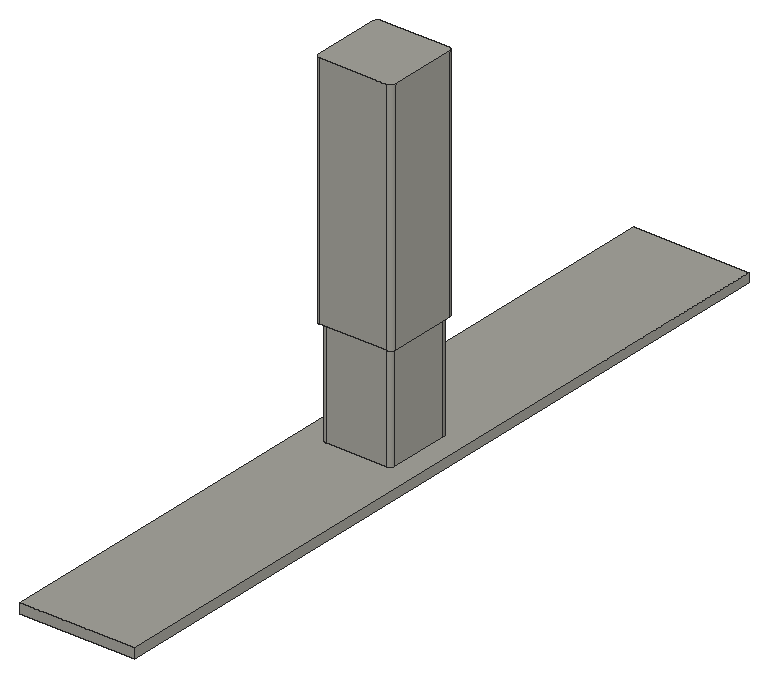
Revit family "Haworth_ComposeConnections_Leg", category Furniture Systems, Revit 2018
Family settings
  Round Connector Dimension = Use Diameter
  Part Type = Normal
  OmniClass Number = 23.40.70.14.64.21
  OmniClass Title = Systems Furniture
  Work Plane-Based = No
  Always vertical = Yes
  Cut with Voids When Loaded = No
  Shared = No
  Room Calculation Point = No
Parameters (values of type "Leg")
  With Foot [instance] = yes
  Warranty = "https://www.haworth.com/resources/product-info/warranties"
  URL - Product = "http://www.haworth.com/products/workspaces/panel-based/compose-connections"
  URL = "http://www.haworth.com/"
  Sustainability Info = "http://media.haworth.com/asset/2999/Compose%20PEDS.pdf"
  Support Finish = Haworth _ Paint _ Gray Tone
  Size = "Verify Final Dim. w/ Haworth"  # constant formula
  Revision Number = "3"  # constant formula
  Model = "VZLL-0800"  # constant formula
  Min/Max Height = "26-32 in."  # constant formula
  Standard Depths = "12, 18, 24, 30 in."  # constant formula
  Manufacturer = "Haworth"  # constant formula
  Description = "Haworth - Compose Connections - Leg"  # constant formula
  Author = "Haworth (Hampton)"  # constant formula
  Assembly Code = "E2020200"
  Actual Width = 3"  # constant formula
  Actual Height = 1/4"  # constant formula
  Actual Depth = 20"  # constant formula
Reference planes (in)
  plane 1: z = 0
  plane 2 "Center L/R": x = 7.25
  plane 3 "Support Left Edge": x = 5.75
  plane 4 "Support Right Edge": x = 8.75
  plane 5 "Back": y = 7.13569
  plane 6 "Front": y = -12.86431
  plane 7 "Support Top": z = 0.25
  plane 8 "Center F/B": y = -2.86431
  plane 9: z = 9.25
  plane 10: z = 3.04
  plane 11: z = 6.29
Forms (in)
  Extrusion 1, solid, material "Haworth _ Paint _ Gray Tone" <- "Support Finish", visible <- "With Foot"
    sketch origin (0, 0, 0) x (1, 0, 0) y (0, 1, 0)
      loop
        line (5.75, 7.13569) -> (5.75, -12.86431) -> (8.75, -12.86431) -> (8.75, 7.13569) -> (5.75, 7.13569)
    from 0 to 0.25
  Extrusion 2, solid, material "Haworth _ Paint _ Gray Tone" <- "Support Finish"
    sketch origin (0, 0, 0) x (1, 0, 0) y (0, 1, 0)
      loop
        line (8.035, -1.95431) -> (6.465, -1.95431)
        arc (6.465, -1.95431) -> (6.37661, -1.99092) -> (6.34, -2.07931) r 0.125
        line (6.34, -2.07931) -> (6.34, -3.64931)
        arc (6.34, -3.64931) -> (6.37661, -3.7377) -> (6.465, -3.77431) r 0.125
        line (6.465, -3.77431) -> (8.035, -3.77431)
        arc (8.035, -3.77431) -> (8.12339, -3.7377) -> (8.16, -3.64931) r 0.125
        line (8.16, -3.64931) -> (8.16, -2.07931)
        arc (8.16, -2.07931) -> (8.12339, -1.99092) -> (8.035, -1.95431) r 0.125
    from 0.25 to 6.29
  Extrusion 3, solid, material "Haworth _ Paint _ Gray Tone" <- "Support Finish"
    sketch origin (0, 0, 0) x (1, 0, 0) y (0, 1, 0)
      loop
        line (8.125, -1.86431) -> (6.375, -1.86431)
        arc (6.375, -1.86431) -> (6.28661, -1.90092) -> (6.25, -1.98931) r 0.125
        line (6.25, -1.98931) -> (6.25, -3.73931)
        arc (6.25, -3.73931) -> (6.28661, -3.8277) -> (6.375, -3.86431) r 0.125
        line (6.375, -3.86431) -> (8.125, -3.86431)
        arc (8.125, -3.86431) -> (8.21339, -3.8277) -> (8.25, -3.73931) r 0.125
        line (8.25, -3.73931) -> (8.25, -1.98931)
        arc (8.25, -1.98931) -> (8.21339, -1.90092) -> (8.125, -1.86431) r 0.125
    from 3.04 to 9.25
Lines and regions (in)
  Masking region 1, visible <- "With Foot"
    outline origin (0, 0, 0) x (1, 0, 0) y (0, 1, 0)
      loop
        line (5.75, 7.13569) -> (5.75, -12.86431) -> (8.75, -12.86431) -> (8.75, 7.13569) -> (5.75, 7.13569)
  symbolic lines, style "Haworth Hidden", visible <- "With Foot", detail levels fine
    curve 1: line (5.75, 7.13569, 0) -> (8.75, 7.13569, 0)
    curve 2: line (5.75, -12.86431, 0) -> (5.75, 7.13569, 0)
    curve 3: line (8.75, -12.86431, 0) -> (5.75, -12.86431, 0)
    curve 4: line (8.75, 7.13569, 0) -> (8.75, -12.86431, 0)
  symbolic lines, style "Haworth Hidden"
    curve 5: line (8.125, -1.86431, 0) -> (6.375, -1.86431, 0)
    curve 6: line (6.25, -1.98931, 0) -> (6.25, -3.73931, 0)
    curve 7: line (6.375, -3.86431, 0) -> (8.125, -3.86431, 0)
    curve 8: line (8.25, -3.73931, 0) -> (8.25, -1.98931, 0)
Dimensions and locks (in)
  "Actual Width": plane 3 "Support Left Edge" to plane 4 "Support Right Edge"
  equal spacing: plane 3 "Support Left Edge", plane 2 "Center L/R", plane 4 "Support Right Edge"
  "Actual Depth": plane 5 "Back" to plane 6 "Front"
  equal spacing: plane 5 "Back", plane 8 "Center F/B", plane 6 "Front"
  "Actual Height": plane 7 "Support Top" to level
  locked: plane 9 to level at 9.25
  aligned and locked: plane 3 "Support Left Edge" to Extrusion 1 sketch curve
  aligned and locked: Extrusion 1 sketch curve to plane 5 "Back"
  aligned and locked: plane 6 "Front" to Extrusion 1 sketch curve
  aligned and locked: Extrusion 1 sketch curve to plane 4 "Support Right Edge"
  aligned and locked: plane 7 "Support Top" to Extrusion 1
  aligned: Extrusion 1 to level
  aligned and locked: Extrusion 1 to plane 7 "Support Top"
  aligned and locked: Extrusion 1 to plane 1
  aligned and locked: plane 1 to Extrusion 1
  aligned and locked: Masking region 1 sketch curve to Extrusion 1  (x3)
  aligned and locked: Extrusion 1 to Masking region 1 sketch curve
  aligned and locked: Extrusion 2 to plane 7 "Support Top"
  aligned and locked: plane 11 to Extrusion 2
  aligned and locked: Extrusion 3 to plane 10
  aligned and locked: plane 9 to Extrusion 3
Automatic sketch dimensions
  curve 3 to plane 6 "Front" = 0"
  curve 4 to plane 4 "Support Right Edge" = 0"
  curve 1 to plane 3 "Support Left Edge" = 0"
  curve 1 to plane 5 "Back" = 0"
  Extrusion 2 sketch curve to plane 3 "Support Left Edge" = 0.59"
  Extrusion 2 sketch curve to Extrusion 2 sketch curve = 1/8"  (x3)
  Extrusion 2 sketch curve to plane 4 "Support Right Edge" = 0.715"  (x2)
  Extrusion 2 sketch curve to plane 8 "Center F/B" = 0.91"
  plane 8 "Center F/B" to Extrusion 2 sketch curve = 0.785"
  Extrusion 3 sketch curve to plane 3 "Support Left Edge" = 1/2"
  Extrusion 3 sketch curve to Extrusion 3 sketch curve = 1/8"  (x3)
  Extrusion 3 sketch curve to plane 4 "Support Right Edge" = 5/8"  (x2)
  Extrusion 3 sketch curve to plane 8 "Center F/B" = 1"
  plane 8 "Center F/B" to Extrusion 3 sketch curve = 7/8"
